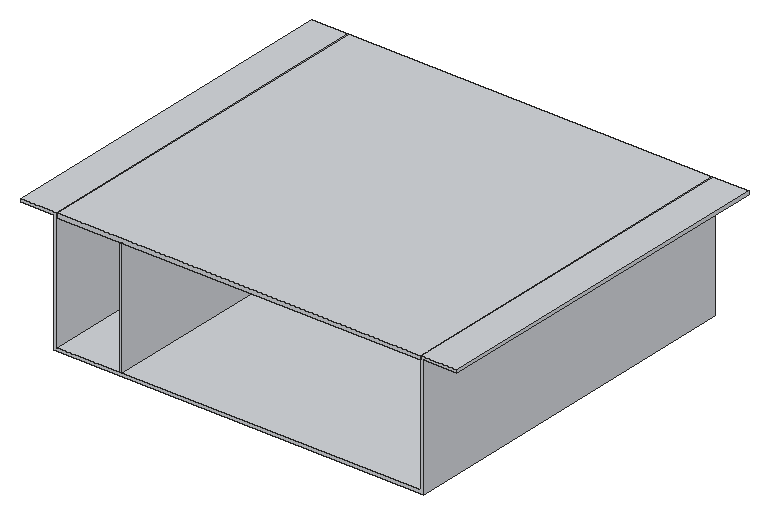
Revit family "Bürstenleisten-Kanalsystem OKB_Wanddurchführung", category Generic Models, Revit 2015
Parameters (values of type "OKB WD 25085")
  Width = 250 mm
  URL = "http://www.obo-bettermann.com"
  Material = Steel, Galvanized
  Manufacturer Art. No. = "7403890"
  Manufacturer = "OBO Bettermann"
  Lenght [instance] = 250 mm
  Height = 85 mm
  GTIN = "4012195862130\r\n\r\n4012195862130\r\n4012195862130"
  Article Type = "OKBWD 25085"
Reference planes
  plane 1 "Center (Front/Back)": y = 0
  plane 2: z = 0
  plane 3 "Center (Left/Right)": x = 0
  plane 4: x = 127
  plane 5: x = -127
  plane 6: z = 85
  plane 7: z = 82
  plane 8: x = -125
  plane 9: x = 125
  plane 10: z = 2
  plane 11: z = 83
  plane 12: y = -250
  plane 13: x = -80
  plane 14: x = -82
Forms (mm)
  Extrusion 1, solid
    sketch origin (0, 0, 0) x (1, 0, 0) y (0, 0, 1)
      loop
        line (-127, 83) -> (-127, 0) -> (127, 0) -> (127, 83) -> (150, 83) -> (150, 85) -> (125, 85) -> (125, 2) -> (-125, 2) -> (-125, 85) -> (-150, 85) -> (-150, 83) -> (-127, 83)
    from 0 to 250 <- "Lenght"
  Extrusion 2, solid
    sketch origin (0, 0, 0) x (1, 0, 0) y (0, 0, 1)
      loop
        line (125, 85) -> (-125, 85) -> (-125, 82) -> (125, 82) -> (125, 85)
    from 0 to 250
  Extrusion 3, solid
    sketch origin (0, 0, 0) x (1, 0, 0) y (0, 0, 1)
      loop
        line (-82, 82) -> (-82, 2) -> (-80, 2) -> (-80, 82) -> (-82, 82)
    from 0 to 250
Lines and regions (mm)
  model lines
    curve 1: line (127, 0, 0) -> (127, 0, 83)
    curve 2: line (125, 0, 85) -> (125, 0, 2)
    curve 3: line (-127, 0, 83) -> (-127, 0, 0)
    curve 4: line (-125, 0, 82) -> (125, 0, 82)
    curve 5: line (125, 0, 85) -> (-125, 0, 85)
    curve 6: line (-127, 0, 83) -> (-150, 0, 83)
    curve 7: line (-150, 0, 85) -> (-125, 0, 85)
    curve 8: line (-125, 0, 85) -> (-125, 0, 2)
    curve 9: line (127, 0, 83) -> (150, 0, 83)
    curve 10: line (150, 0, 83) -> (150, 0, 85)
    curve 11: line (150, 0, 85) -> (125, 0, 85)
    curve 12: line (-150, 0, 85) -> (-150, 0, 83)
    curve 13: line (-125, 0, 2) -> (125, 0, 2)
    curve 14: line (127, 0, 0) -> (-127, 0, 0)
    curve 15: line (-80, 0, 82) -> (-80, 0, 2)
    curve 16: line (-82, 0, 2) -> (-82, 0, 82)
Dimensions and locks
  locked: level to plane 10 at 2
  locked: plane 7 to plane 6 at 3
  locked: plane 11 to plane 6 at 2
  locked: plane 9 to plane 4 at 2
  locked: plane 5 to plane 8 at 2
  locked: plane 4 to curve 10 at 23
  "Height": level to plane 6
  locked: plane 1 "Center (Front/Back)" to plane 12 at 250
  plane 5 to curve 12 = 23 mm
  equal spacing: plane 5, plane 3 "Center (Left/Right)", plane 4
  "Width": plane 8 to plane 9
  locked: plane 14 to plane 13 at 2
  plane 13 to plane 9 = 205 mm
  aligned and locked: level to plane 2
  aligned and locked: curve 1 to plane 4
  aligned and locked: plane 9 to curve 2
  aligned and locked: plane 5 to curve 3
  aligned and locked: curve 4 to plane 7
  aligned and locked: plane 11 to curve 6
  aligned and locked: curve 7 to plane 6
  aligned and locked: curve 9 to plane 11
  aligned and locked: curve 13 to plane 10
  aligned and locked: plane 2 to curve 14
  aligned and locked: Extrusion 1 sketch curve to curve 6
  aligned and locked: Extrusion 1 sketch curve to curve 12
  aligned and locked: Extrusion 1 sketch curve to curve 7
  aligned and locked: Extrusion 1 sketch curve to curve 3
  aligned and locked: Extrusion 1 sketch curve to curve 8
  aligned and locked: Extrusion 1 sketch curve to curve 14
  aligned and locked: Extrusion 1 sketch curve to curve 13
  aligned and locked: Extrusion 1 sketch curve to curve 2
  aligned and locked: Extrusion 1 sketch curve to curve 1
  aligned and locked: Extrusion 1 sketch curve to curve 11
  aligned and locked: Extrusion 1 sketch curve to curve 9
  aligned and locked: Extrusion 1 sketch curve to curve 10
  aligned and locked: Extrusion 2 sketch curve to curve 5
  aligned and locked: Extrusion 2 sketch curve to curve 4
  aligned and locked: Extrusion 2 sketch curve to curve 2
  aligned and locked: Extrusion 2 sketch curve to curve 8
  aligned and locked: Extrusion 2 to plane 12
  aligned and locked: plane 8 to curve 8
  aligned and locked: Extrusion 1 to plane 12
  aligned and locked: plane 13 to curve 15
  aligned and locked: curve 16 to plane 14
  aligned and locked: Extrusion 3 sketch curve to plane 7
  aligned and locked: Extrusion 3 sketch curve to curve 15
  aligned and locked: plane 10 to Extrusion 3 sketch curve
  aligned and locked: Extrusion 3 sketch curve to curve 16
  aligned and locked: Extrusion 3 to plane 12
  aligned and locked: Extrusion 3 to plane 1 "Center (Front/Back)"
